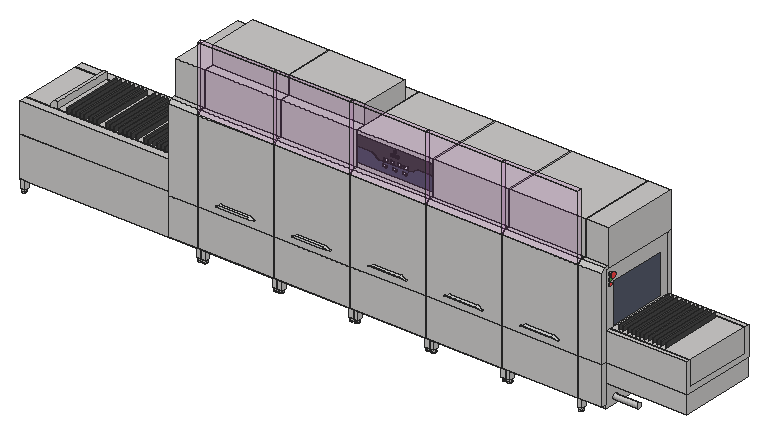
Revit family "QF_ELECTROLUXPROFESSIONAL_520753_EFTD082E1", category Attrezzature speciali, Revit 2020 (continued)
Definition of nested family "ELX_LOGO_WORDS_WHITE"
  Forms (mm)
    Extrusion 2, solid, visible <- "Show Logo"
      sketch origin (0, 0, 0) x (1, 0, 0) y (0, 1, 0)
        loop
          line (35.929, -9.777) -> (35.929, -6.414) -> (35.076, -6.414) -> (35.076, -10.561) -> (37.523, -10.561) -> (37.523, -9.777) -> (35.929, -9.777)
        loop
          arc (-1.8, -6.94) -> (-2.35, -6.489) -> (-3.046, -6.345) r 1.485
          arc (-3.046, -6.345) -> (-3.689, -6.503) -> (-4.218, -6.902) r 1.645
          arc (-4.218, -6.902) -> (-4.316, -7.844) -> (-3.708, -8.571) r 1.217
          arc (-3.708, -8.571) -> (-3.197, -8.741) -> (-2.712, -8.976) r 4.201
          arc (-2.712, -8.976) -> (-2.405, -9.337) -> (-2.616, -9.761) r 0.43
          arc (-2.616, -9.761) -> (-3.008, -9.853) -> (-3.399, -9.754) r 0.846
          arc (-3.399, -9.754) -> (-3.736, -9.511) -> (-3.942, -9.15) r 0.983
          line (-3.942, -9.15) -> (-4.668, -9.489)
          arc (-4.668, -9.489) -> (-4.407, -9.993) -> (-3.985, -10.374) r 1.595
          arc (-3.985, -10.374) -> (-3.507, -10.578) -> (-2.99, -10.63) r 1.719
          arc (-2.99, -10.63) -> (-2.351, -10.503) -> (-1.775, -10.197) r 2.246
          arc (-1.775, -10.197) -> (-1.521, -9.52) -> (-1.652, -8.81) r 1.349
          arc (-1.652, -8.81) -> (-1.936, -8.482) -> (-2.298, -8.245) r 1.564
          arc (-2.298, -8.245) -> (-2.757, -8.04) -> (-3.228, -7.864) r 8.236
          arc (-3.228, -7.864) -> (-3.5, -7.441) -> (-3.107, -7.128) r 0.375
          arc (-3.107, -7.128) -> (-2.636, -7.241) -> (-2.274, -7.563) r 0.998
          line (-2.274, -7.563) -> (-1.8, -6.94)
      from 0 to 1.644
  Dimensions and locks
    aligned and locked: plane 2 to Extrusion 1
    aligned and locked: level to Extrusion 1
Definition of nested family "ELX_LOGO_MONO_SMALL_WHITE"
  Parameters (values of type "ELX_LOGO_MONO_SMALL_WHITE")
    Show Logo [instance] = yes
    Default Elevation = 1219.2 mm
  Reference planes
    plane 1 "Center (Front/Back)": y = -49
    plane 2: z = 0
    plane 3 "Center (Left/Right)": x = -9.92
  Forms (mm)
    Extrusion 1, solid
      sketch origin (0, 0, 0) x (1, 0, 0) y (0, 1, 0)
        loop
          line (-1219.2, 1219.2) -> (-1219.2, -1219.2) -> (1219.2, -1219.2) -> (1219.2, 1219.2) -> (-1219.2, 1219.2)
      from 0 to -304.8
    Extrusion 2, solid, visible <- "Show Logo"
      sketch origin (84.462, 509.781, 0) x (1, 0, 0) y (0, 1, 0)
        loop
          line (-97.736, -569.727) -> (-97.736, -547.891)
          arc (-97.736, -547.891) -> (-105.808, -558.809) -> (-97.736, -569.727) r 11.42
        loop
          arc (-96.625, -569.727) -> (-87.544, -567.663) -> (-83.169, -559.442) r 11.191
          line (-83.169, -559.442) -> (-86.782, -559.442)
          arc (-86.782, -559.442) -> (-93.235, -562.062) -> (-96.625, -568.146) r 10.49
          line (-96.625, -568.146) -> (-96.625, -569.727)
        loop
          arc (-96.625, -549.472) -> (-93.235, -555.557) -> (-86.782, -558.176) r 10.49
          line (-86.782, -558.176) -> (-83.169, -558.176)
          arc (-83.169, -558.176) -> (-87.537, -549.888) -> (-96.625, -547.611) r 11.484
          line (-96.625, -547.611) -> (-96.625, -549.472)
        loop
          line (-82.34, -570.919) -> (-82.34, -546.65) -> (-106.642, -546.65) -> (-106.642, -570.919) -> (-82.34, -570.919)
      from 0 to 1.644
  Dimensions and locks
    aligned and locked: plane 2 to Extrusion 1
    aligned and locked: level to Extrusion 1
